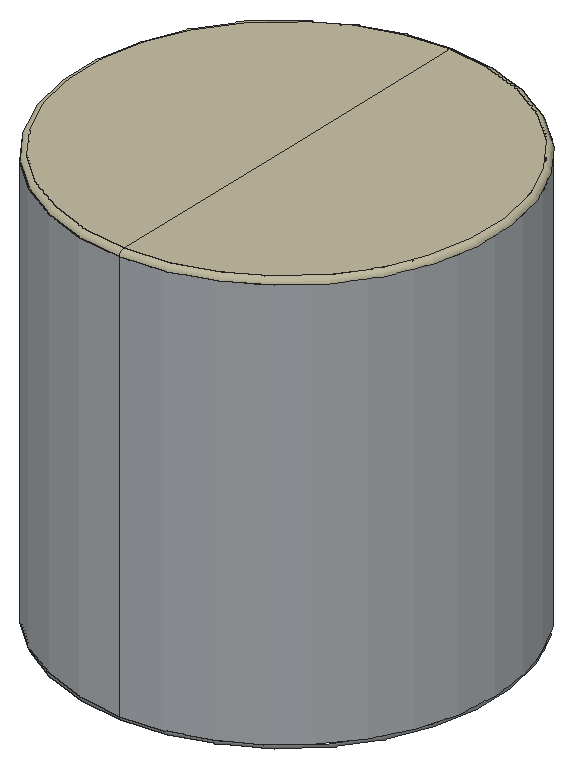
Revit family
Parameters
  URL = "http://www.martinbrattrud.com"
  Table Top [instance] = none
  Table [instance] = none
  SCS Certified Product = "Yes"
  Model = "Makayla 3310-20C"
  Manufacturer = "Martin Brattrud, Inc."
  Keynote = "125000"
  Foot [instance] = none
  Copyright = "© 2013 Martin Brattrud, Inc."
  Authoring Version = "Revit Architecture 2010"
  Assembly Code = "E2020200"
Reference planes (in)
  plane 1 "Center Front/Back": y = 0
  plane 2: z = 0
  plane 3 "Center Left/Right": x = 0
Forms (in)
  Revolve 1, solid, material <- "Foot"
    sketch origin (0, -9.24282, 48) x (0, -1, 0) y (0, 0, 1)
      loop
        line (-0.375, -48) -> (-0.375, -47.75) -> (-0.75, -47.75) -> (-0.75, -47.90625)
        arc (-0.75, -47.90625) -> (-0.72254, -47.97254) -> (-0.65625, -48) r 0.09375
        line (-0.65625, -48) -> (-0.375, -48)
      axis (-0.375, -48) -> (-0.375, -47.75)
    angle from 0 to 360
  Revolve 2, solid, material <- "Foot"
    sketch origin (0, 9.24282, 48) x (0, 1, 0) y (0, 0, -1)
      loop
        line (-0.375, 48) -> (-0.65625, 48)
        arc (-0.65625, 48) -> (-0.72254, 47.97254) -> (-0.75, 47.90625) r 0.09375
        line (-0.75, 47.90625) -> (-0.75, 47.75) -> (-0.375, 47.75) -> (-0.375, 48)
      axis (-0.375, 48) -> (-0.375, 47.75)
    angle from 0 to 360
  Revolve 3, solid, material <- "Table"
    sketch origin (0, 0, 0) x (0, 1, 0) y (0, 0, 1)
      loop
        line (0, 20.25) -> (-10, 20.25) -> (-10, 0.5)
        arc (-10, 0.5) -> (-9.92678, 0.32322) -> (-9.75, 0.25) r 0.25
        line (-9.75, 0.25) -> (0, 0.25) -> (0, 20.25)
      axis (0, 20.25) -> (0, 0.25)
    angle from 0 to 360
  Revolve 4, solid
    sketch origin (0, 0, 0) x (0, 1, 0) y (0, 0, 1)
      loop
        line (0, 20.25) -> (0, 20.5) -> (-9.75, 20.5)
        arc (-9.75, 20.5) -> (-9.92678, 20.42678) -> (-10, 20.25) r 0.25
        line (-10, 20.25) -> (0, 20.25)
      axis (0, 20.5) -> (0, 20.25)
    angle from 0 to 360
  Revolve 5, solid, material <- "Foot"
    sketch origin (9.24282, 0, 48) x (1, 0, 0) y (0, 0, 1)
      loop
        line (-0.375, -48) -> (-0.375, -47.75) -> (-0.75, -47.75) -> (-0.75, -47.90625)
        arc (-0.75, -47.90625) -> (-0.72254, -47.97254) -> (-0.65625, -48) r 0.09375
        line (-0.65625, -48) -> (-0.375, -48)
      axis (-0.375, -48) -> (-0.375, -47.75)
    angle from 0 to 360
  Revolve 6, solid, material <- "Foot"
    sketch origin (-9.24282, 0, 48) x (-1, 0, 0) y (0, 0, -1)
      loop
        line (-0.375, 48) -> (-0.65625, 48)
        arc (-0.65625, 48) -> (-0.72254, 47.97254) -> (-0.75, 47.90625) r 0.09375
        line (-0.75, 47.90625) -> (-0.75, 47.75) -> (-0.375, 47.75) -> (-0.375, 48)
      axis (-0.375, 48) -> (-0.375, 47.75)
    angle from 0 to 360
